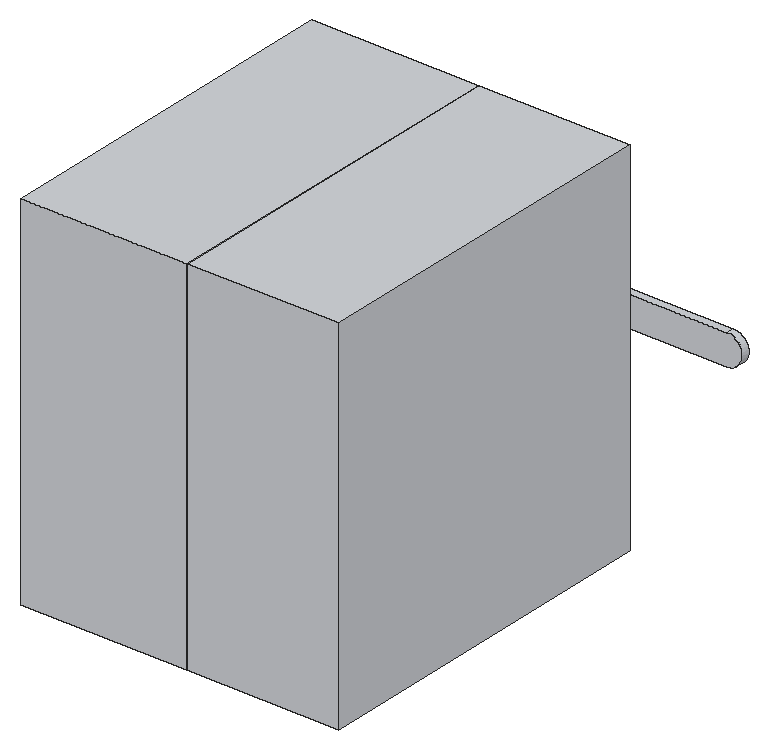
Revit family "Fire Volume Damper - Rectangular Fitting", category Duct Fittings, Revit 2025
Family settings
  Round Connector Dimension = Use Diameter
  Part Type = Tap - Adjustable
  OmniClass Number = 23.75.70.14
  OmniClass Title = Air Ductwork
  Work Plane-Based = No
  Always vertical = Yes
  Cut with Voids When Loaded = No
  Shared = No
Parameters (values of type "Type B")
  built-in parameter 1114215 [instance] = 0.33333 (stored number, unit not read)
  built-in parameter 1114214 [instance] = 1"
  built-in parameter 1114213 [instance] = 1.2708 (stored number, unit not read)
  Width [instance] = 12"
  Height [instance] = 12"
  Default Elevation = 0"
  B Length = 5"
  Assembly Code = ""
  A Length = 4 1/2"
Types (2): name | built-in parameter 1114214 | B Length | A Length
  Type A | 12" | 8" | 7 1/4"
  Type B | 1" | 5" | 4 1/2"
Reference planes (in)
  plane 1 "Center (Front/Back)": y = 0
  plane 2: z = 0
  plane 3 "Center (Left/Right)": x = 0
  plane 4 "top": x = 4.5
  plane 5: x = -1
  plane 6: z = 6
  plane 7: z = -6
  plane 8: x = 9.5
  plane 9 "front": y = 6
  plane 10 "back": y = -6
  plane 11 "handle": y = 7.5
Forms (in)
  Blend 1, solid
    base sketch origin (0, 0, 0) x (0, 1, 0) y (0, 0, 1)
      loop
        line (-6, 6) -> (-6, -6) -> (6, -6) -> (6, 6) -> (-6, 6)
    top sketch origin (0, 0, 0) x (0, 1, 0) y (0, 0, 1)
      loop
        line (-6, 6) -> (-6, -6) -> (6, -6) -> (6, 6) -> (-6, 6)
    from 0 to 4.5
  Sweep 2, solid
    path in 3D
      loop
        line (-1, 0, 0) -> (0, 0, 0)
    profile "Duct - Rectangular : Duct - Rectangular" origin (-0.5, 0, 0) x (0, 1, 0) y (0, 0, 1)
      loop
        line (-6, 6) -> (-6, -6) -> (6, -6) -> (6, 6) -> (-6, 6)
  Extrusion 3, solid
    sketch origin (4.5, 0, 0) x (0, 1, 0) y (0, 0, 1)
      loop
        line (-6, 6) -> (-6, -6) -> (6, -6) -> (6, 6) -> (-6, 6)
    from 0 to 5
  Sweep 4, solid
    path origin (0, 0, 0) x (1, 0, 0) y (0, 1, 0)
      loop
        line (7, 7.5) -> (7, 3)
    profile origin (7, 5.25, 0) x (1, 0, 0) y (0, 0, 1)
      loop
        circle (0, 0) r 0.25
  Sweep 5, solid
    path origin (0, 0, 0) x (1, 0, 0) y (0, 1, 0)
      loop
        line (7, 7.5) -> (7, 7.75)
    profile origin (7, 7.625, 0) x (-1, 0, 0) y (0, 0, 1)
      loop
        line (0.01971, 0.5) -> (-4.5, 0.5)
        arc (-4.5, 0.5) -> (-5, 0) -> (-4.5, -0.5) r 0.5
        line (-4.5, -0.5) -> (0.01971, -0.5)
        arc (0.01971, -0.5) -> (0.51971, 0) -> (0.01971, 0.5) r 0.5
Cuts and joins
  joined: Blend 1, Sweep 2
  joined: Extrusion 3, Sweep 4
Lines and regions (in)
  model lines, style "DuctFitting", not visible, detail levels coarse
    curve 1: line (0, 0, 0) -> (4.5, 0, 0)
  reference lines
    curve 2: line (-1, 0, 0) -> (0, 0, 0)
  sketch lines
    curve 3: line (-1, 0, 0) -> (0, 0, 0)
  symbolic lines
    curve 4: line (7, 6, 0) -> (7, -6, 0)
    curve 5: line (0, 6, 0) -> (4.5, 3.5, 0)
    curve 6: line (0, 6, 0) -> (4.5, 0, 0)
    curve 7: line (0, -6, 0) -> (4.5, -3.5, 0)
    curve 8: line (0, -6, 0) -> (4.5, 0, 0)
    curve 9: line (0, 6, 6) -> (4.5, 6, 0)
    curve 10: line (4.5, 6, 0) -> (0, 6, -6)
    curve 11: line (0, 6, 6) -> (4.5, 6, 3.5)
    curve 12: line (0, 6, -6) -> (4.5, 6, -3.5)
    curve 13: line (0, -6, 6) -> (4.5, -6, 0)
    curve 14: line (0, -6, -6) -> (4.5, -6, 0)
    curve 15: line (0, -6, 6) -> (4.5, -6, 3.5)
    curve 16: line (0, -6, -6) -> (4.5, -6, -3.5)
Dimensions and locks (in)
  "built-in parameter 1114214": plane 5 to plane 3 "Center (Left/Right)"
  equal spacing: plane 6, level, plane 7
  locked: plane 6 to plane 7 at 12
  equal spacing: Blend 1 sketch curve, plane 1 "Center (Front/Back)", Blend 1 sketch curve  (x2)
  "Width": Blend 1 sketch curve to Blend 1 sketch curve  (x2)
  equal spacing: Blend 1 sketch curve, plane 2, Blend 1 sketch curve  (x2)
  "Height": Blend 1 sketch curve to Blend 1 sketch curve  (x2)
  "B Length": plane 4 "top" to plane 8
  "A Length": plane 3 "Center (Left/Right)" to plane 4 "top"
  equal spacing: plane 4 "top", curve 4, plane 8
  equal spacing: plane 9 "front", plane 1 "Center (Front/Back)", plane 10 "back"
  plane 11 "handle" to plane 9 "front" = 1 1/2"
  "Width": plane 9 "front" to plane 10 "back"
  plane 9 "front" to curve 5 = 2 1/2"
  equal spacing: Extrusion 3 sketch curve, plane 2, Extrusion 3 sketch curve
  equal spacing: Extrusion 3 sketch curve, plane 1 "Center (Front/Back)", Extrusion 3 sketch curve
  "Width": Extrusion 3 sketch curve to Extrusion 3 sketch curve
  "Height": Extrusion 3 sketch curve to Extrusion 3 sketch curve
  aligned and locked: plane 3 "Center (Left/Right)" to curve 1
  aligned and locked: plane 1 "Center (Front/Back)" to curve 1
  aligned and locked: plane 4 "top" to Blend 1
  aligned and locked: plane 3 "Center (Left/Right)" to curve 2
  aligned and locked: plane 5 to curve 2
  aligned and locked: plane 1 "Center (Front/Back)" to curve 2
  aligned and locked: plane 8 to Extrusion 3
  aligned and locked: plane 9 "front" to curve 4
  aligned and locked: plane 10 "back" to curve 4
  aligned and locked: plane 11 "handle" to Sweep 4 sketch curve
  aligned and locked: Blend 1 to plane 3 "Center (Left/Right)"
  aligned and locked: Sweep 4 sketch curve to curve 4
  aligned and locked: curve 4 to Sweep 5 sketch curve
  aligned and locked: plane 4 "top" to curve 11
  aligned and locked: cut or joined group of Blend 1, Sweep 2 to plane 9 "front"
  aligned and locked: cut or joined group of Blend 1, Sweep 2 to plane 10 "back"
Automatic sketch dimensions
  curve 8 to plane 3 "Center (Left/Right)" = 0"
  curve 6 to plane 3 "Center (Left/Right)" = 0"
  curve 8 to plane 4 "top" = 0"
  curve 7 to plane 4 "top" = 0"
  curve 5 to plane 4 "top" = 0"
  curve 8 to plane 10 "back" = 0"
  curve 6 to plane 9 "front" = 0"
  plane 10 "back" to curve 7 = 2 1/2"
  Sweep 4 sketch curve to plane 1 "Center (Front/Back)" = 3"
  Sweep 4 sketch curve to level = 0"
  profile plane to Sweep 4 sketch curve = 0"
  Sweep 5 sketch curve to plane 11 "handle" = 0"
  Sweep 5 sketch curve to Sweep 5 sketch curve = 1/4"
  Sweep 5 sketch curve to level = 0"
  level to Sweep 5 sketch curve = 1/2"
  profile plane to Sweep 5 sketch curve = 4 1/2"
  Sweep 5 sketch curve to profile plane = 0.01971"
  curve 9 to level = 0"
  curve 9 to plane 4 "top" = 0"
  curve 12 to plane 4 "top" = 0"
  curve 11 to plane 3 "Center (Left/Right)" = 0"
  curve 12 to plane 3 "Center (Left/Right)" = 0"
  curve 12 to plane 7 = 0"
  curve 11 to plane 6 = 0"
  plane 7 to curve 12 = 2 1/2"
  curve 11 to plane 6 = 2 1/2"
  curve 13 to level = 0"
  curve 13 to plane 4 "top" = 0"
  curve 15 to plane 4 "top" = 0"
  curve 16 to plane 4 "top" = 0"
  curve 15 to plane 3 "Center (Left/Right)" = 0"
  curve 16 to plane 3 "Center (Left/Right)" = 0"
  curve 16 to plane 7 = 0"
  curve 15 to plane 6 = 0"
  plane 7 to curve 16 = 2 1/2"
  curve 15 to plane 6 = 2 1/2"
  radius of Sweep 4 sketch curve = 1/4"
Connectors (in)
  hvac at (0, 0, 0), driven by "Height", driven by "Width"
    settings: on cut or joined group of Blend 1, Sweep 2, index 0, duct flow 0 CFM, flow factor 0, pres drop 0.00 in-wg, loss coef 0, conn angle 0.00°, conn width 12", conn height 12", conn diameter 24", duct sys type 28, conn prof type 1, flow config 0, flow direction 0, loss method 0, conn ref index 1, conn util no, is conn primary yes, conn desc ""
  hvac at (9.5, 0, 0), driven by "Height", driven by "Width"
    settings: on Extrusion 3, index 1, duct flow 0 CFM, flow factor 0, pres drop 0.00 in-wg, loss coef 0, conn angle 0.00°, conn width 12", conn height 12", conn diameter 12", duct sys type 28, conn prof type 1, flow config 0, flow direction 0, loss method 0, conn ref index 0, conn util no, is conn primary no, conn desc ""
